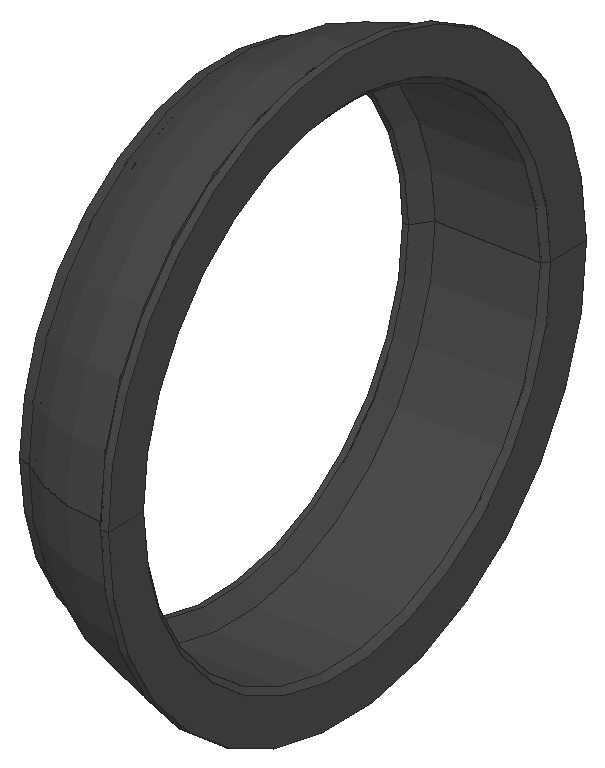
Revit family "FoFo_BO_Junta", category Pipe Accessories, Revit 2025
Family settings
  Round Connector Dimension = Use Radius
  Part Type = Normal
  OmniClass Number = 23.60.30.11.14
  OmniClass Title = Pipework Fittings
  Work Plane-Based = Yes
  Always vertical = No
  Cut with Voids When Loaded = No
  Shared = Yes
Parameters (values of type "JGS_0400")
  Manufacturer = "SGC"
  Loss Method = 1
  K Coefficient Table = "Tee"
  Description = "Bolsas JGS - JTI - JTE"
  Default Elevation = 0.0 mm
  DN = "400"
  Bolsa_RL = 0.5 * Bolsa_DL  # 200.0 mm
  Material_Conexao = FOFO
  Bolsa_DL = 400.0 mm
  Bolsa_Borde3 = Bolsa_Borde1 * 1.1  # 7.7 mm
  Bolsa_Borde1 = 7.0 mm
  Bolsa_RI = 0.5 * Bolsa_DI  # 216.0 mm
  Bolsa_RE = 0.5 * Bolsa_DE  # 214.5 mm
  Bolsa_RB = 0.5 * Bolsa_DB  # 258.5 mm
  Bolsa_Borde2 = Bolsa_Borde1 * 2  # 14.0 mm
  Bolsa_P = 112.0 mm
  Bolsa_E2 = 0.5 * Bolsa_E  # 3.0 mm
  Bolsa_E = 6.0 mm
  Bolsa_DI = 432.0 mm
  Bolsa_DE = 429.0 mm
  Bolsa_DB = 517.0 mm
Types (16, lengths in mm): name | DN | Bolsa_RL | Bolsa_DL | Bolsa_RI | Bolsa_RE | Bolsa_RB | Bolsa_P | Bolsa_DI | Bolsa_DE | Bolsa_DB
  JGS_1200 | "1200" | 600.0 | 1200.0 | 629.0 | 627.5 | 706.0 | 167.0 | 1258.0 | 1255.0 | 1412.0
  JGS_1000 | "1000" | 500.0 | 1000.0 | 525.5 | 524.0 | 595.5 | 157.0 | 1051.0 | 1048.0 | 1191.0
  JGS_0900 | "900" | 450.0 | 900.0 | 474.0 | 472.5 | 541.0 | 147.0 | 948.0 | 945.0 | 1082.0
  JGS_0800 | "800" | 400.0 | 800.0 | 422.5 | 421.0 | 487.0 | 147.0 | 845.0 | 842.0 | 974.0
  JGS_0700 | "700" | 350.0 | 700.0 | 370.5 | 369.0 | 431.5 | 147.0 | 741.0 | 738.0 | 863.0
  JGS_0600 | "600" | 300.0 | 600.0 | 319.0 | 317.5 | 369.5 | 122.0 | 638.0 | 635.0 | 739.0
  JGS_0500 | "500" | 250.0 | 500.0 | 267.5 | 266.0 | 315.0 | 117.0 | 535.0 | 532.0 | 630.0
  JGS_0450 | "450" | 225.0 | 450.0 | 241.5 | 240.0 | 287.5 | 115.0 | 483.0 | 480.0 | 575.0
  JGS_0400 | "400" | 200.0 | 400.0 | 216.0 | 214.5 | 258.5 | 112.0 | 432.0 | 429.0 | 517.0
  JGS_0350 | "350" | 175.0 | 350.0 | 190.5 | 189.0 | 232.5 | 110.0 | 381.0 | 378.0 | 465.0
  JGS_0300 | "300" | 150.0 | 300.0 | 164.5 | 163.0 | 205.0 | 107.0 | 329.0 | 326.0 | 410.0
  JGS_0250 | "250" | 125.0 | 250.0 | 138.5 | 137.0 | 176.5 | 105.0 | 277.0 | 274.0 | 353.0
  JGS_0200 | "200" | 100.0 | 200.0 | 112.5 | 111.0 | 148.0 | 106.0 | 225.0 | 222.0 | 296.0
  JGS_0150 | "150" | 75.0 | 150.0 | 86.5 | 85.0 | 121.5 | 100.0 | 173.0 | 170.0 | 243.0
  JGS_0100 | "100" | 50.0 | 100.0 | 60.5 | 59.0 | 94.5 | 94.0 | 121.0 | 118.0 | 189.0
  JGS_0080 | "80" | 40.0 | 80.0 | 50.5 | 49.0 | 84.0 | 92.0 | 101.0 | 98.0 | 168.0
Reference planes
  plane 1 "EixoP": y = 0
  plane 2: z = 0
  plane 3 "EixoS": x = 2618.25
  plane 4: x = 2730.25
  plane 5: y = 258.5
  plane 6: y = 216
  plane 7: y = 214.5
  plane 8: y = 200
Forms (mm)
  Revolve 1, solid, material "FOFO" <- "Material_Conexao"
    sketch origin (-3000, 0, 0) x (1, 0, 0) y (0, 1, 0)
      loop
        arc (5716.25, 250.8) -> (5670.117, 241.457) -> (5628.857, 218.804) r 156.302
        line (5628.857, 218.804) -> (5618.25, 214.5) -> (5618.25, 200.5) -> (5623.25, 200.5) -> (5633.25, 216) -> (5725.25, 216) -> (5730.25, 221) -> (5730.25, 258.5) -> (5723.25, 258.5) -> (5716.25, 250.8)
      axis (5618.25, 0) -> (5730.25, 0)
    angle from 0 to 360
Lines and regions (mm)
  model lines, detail levels coarse
    curve 1: line (2618.25, 0, 0) -> (2648.25, 0, 0)
    curve 2: arc (2698.25, 50, 0) -> (2648.25, 0, 0) -> (2698.25, -50, 0) r 50
Dimensions and locks
  "Bolsa_Borde1": Revolve 1 sketch curve to Revolve 1 sketch curve
  "Bolsa_Borde2": Revolve 1 sketch curve to Revolve 1 sketch curve
  "Bolsa_Borde3": Revolve 1 sketch curve to Revolve 1 sketch curve
  "Bolsa_P": plane 3 "EixoS" to Revolve 1 sketch curve
  "Bolsa_P": plane 4 to plane 3 "EixoS"
  "Bolsa_RB": plane 5 to plane 1 "EixoP"
  "Bolsa_RI": plane 6 to plane 1 "EixoP"
  "Bolsa_RE": plane 7 to plane 1 "EixoP"
  "Bolsa_RL": plane 8 to plane 1 "EixoP"
  aligned and locked: Revolve 1 sketch curve to plane 1 "EixoP"
  aligned and locked: Revolve 1 sketch curve to plane 5
  aligned and locked: plane 6 to Revolve 1 sketch curve
Automatic sketch dimensions
  curve 1 to plane 1 "EixoP" = 0.0 mm
  curve 1 to plane 3 "EixoS" = 0.0 mm
  plane 1 "EixoP" to curve 2 = 0.0 mm
  plane 3 "EixoS" to curve 2 = 80.0 mm
  plane 3 "EixoS" to curve 1 = 30.0 mm
  Revolve 1 sketch curve to plane 3 "EixoS" = 0.0 mm  (x2)
  Revolve 1 sketch curve to plane 7 = 0.0 mm
  plane 8 to Revolve 1 sketch curve = 0.5 mm
  plane 3 "EixoS" to Revolve 1 sketch curve = 5.0 mm
  plane 6 to Revolve 1 sketch curve = 2.804 mm
  plane 3 "EixoS" to Revolve 1 sketch curve = 10.607 mm
  Revolve 1 sketch curve to Revolve 1 sketch curve = 4.393 mm
  Revolve 1 sketch curve to plane 4 = 6.397 mm
  Revolve 1 sketch curve to plane 4 = 5.0 mm
  plane 6 to Revolve 1 sketch curve = 5.0 mm
  plane 4 to Revolve 1 sketch curve = 9.153 mm
